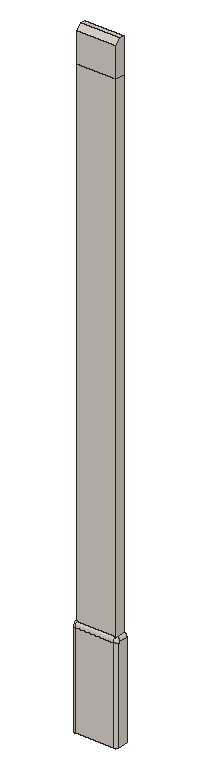
Revit family
Parameters (values of type "32"H")
  With Transaction Surface End Support = not(Standard)  # no
  Width = 0' - 10 1/8"  # constant formula
  URL = "http://www.hermanmiller.com/"
  Surface Finish [instance] = Herman Miller - Finish WL Sandstone
  Standard = yes
  Product Documentation Link = "http://www.hermanmiller.com/actionoffice/"
  OmniClass Title = "Systems Furniture"  # constant formula
  OmniClass Number = "23.40.70.14.64.21"  # constant formula
  Glide Height [instance] = 0' - 0 3/8"
  Finished End Width = 0' - 2"  # constant formula
  Model = "A8271.32H"
  Manufacturer = "Herman Miller, Inc."  # constant formula
  Keynote = ""
  Height = 2' - 8"
  Description = "Fin End Thin Base 32H"
  Copyright © = "Copyright © Herman Miller, Inc."  # constant formula
  Catalog = "Action Office System (HAO)"  # constant formula
  Cable Management Finish [instance] = Herman Miller - Finish WL Sandstone
  Assembly Code = "E2020200"
Reference planes (in)
  plane 1 "Center (Front/Back)": y = 0
  plane 2 "Reference Level": z = 0
  plane 3 "Center (Left/Right)": x = 0
  plane 4 "Left": x = -5.0625
  plane 5 "Right": x = 5.0625
  plane 6 "Trans Support Back": y = 1.25
  plane 7 "Finished End Front": y = -0.25
  plane 8 "Finished End Back": y = 0.25
  plane 9 "Finished End Left": x = -1
  plane 10 "Finished End Right": x = 1
  plane 11 "Trans Support Hole Left": x = -4.5625
  plane 12 "Trans Support Hole Right": x = 4.5625
  plane 13 "Finished End Top": z = 32.375
  plane 14 "Cable Management Top": z = 5.375
  plane 15 "Finished End Bottom": z = 0.375
  plane 16 "Cable Management Left": x = -1.125
  plane 17 "Cable Management Right": x = 1.125
  plane 18 "Cable Management Front": y = -0.375
  plane 19 "Trans Support Right Center": x = 3.0625
  plane 20 "Trans Support Left Center": x = -3.0625
  plane 21 "trans Support Front": y = 0.5
  plane 22 "Trans Support Bottom": z = 30.625
  plane 23 "Trans Support Center": z = 31.5
  plane 24 "Finished End Curve Bottom": z = 32.125
Forms (in)
  Extrusion 1, solid, material "Herman Miller - Finish WL Sandstone" <- "Surface Finish", visible <- "With Transaction Surface End Support"
    sketch origin (0, 0, 32.375) x (-1, 0, 0) y (0, -1, 0)
      loop
        arc (4.80538, -1.25) -> (5.07812, -0.875) -> (4.80538, -0.5) r 0.39417
        line (4.80538, -0.5) -> (3.0625, -0.5) -> (1, 0) -> (1, 0.25) -> (-1, 0.25) -> (-1, 0) -> (-3.0625, -0.5) -> (-4.78293, -0.5)
        arc (-4.78293, -0.5) -> (-5.06358, -0.875) -> (-4.78293, -1.25) r 0.39086
        line (-4.78293, -1.25) -> (-3.0625, -1.25) -> (-1, -0.25) -> (1, -0.25) -> (3.0625, -1.25) -> (4.80538, -1.25)
    from -1.75 to 0
  Extrusion 2, void
    sketch origin (0, -0.375, 0) x (-1, 0, 0) y (0, 0, 1)
      loop
        line (6.5625, 31.5) -> (3.0625, 31.5)
        arc (3.0625, 31.5) -> (1.94228, 31.2722) -> (1, 30.625) r 2.8683
        line (1, 30.625) -> (1, 29.57469) -> (5.0625, 29.57469) -> (6.5625, 30.625) -> (6.5625, 31.5)
      loop
        line (-3.0625, 31.5) -> (-6.5625, 31.5) -> (-6.5625, 30.625) -> (-5.0625, 29.57469) -> (-1, 29.57469) -> (-1, 30.625)
        arc (-1, 30.625) -> (-1.94228, 31.2722) -> (-3.0625, 31.5) r 2.8683
    from 0 to 1.625
  Extrusion 3, solid, material "Herman Miller - Finish WL Sandstone" <- "Surface Finish"
    sketch origin (0, 0, 32.375) x (-1, 0, 0) y (0, -1, 0)
      loop
        line (-1, -0.25) -> (1, -0.25) -> (1, 0.25) -> (-1, 0.25) -> (-1, -0.25)
    from -32 to -1.75
  Sweep 4, solid, material "Herman Miller - Finish WL Sandstone" <- "Cable Management Finish"
    path origin (0, 0, 5.375) x (-1, 0, 0) y (0, -1, 0)
      loop
        line (-1, -0.25) -> (-1, 0.21875)
        arc (-1, 0.21875) -> (-0.99085, 0.24085) -> (-0.96875, 0.25) r 0.03125
        line (-0.96875, 0.25) -> (0.96838, 0.25)
        arc (0.96838, 0.25) -> (0.99074, 0.24074) -> (1, 0.21838) r 0.03162
        line (1, 0.21838) -> (1, -0.25)
    profile origin (-1, 0.01581, 5.375) x (-1, 0, 0) y (0, 0, 1)
      loop
        line (0.125, -5) -> (0.125, -0.2187)
        arc (0.125, -0.2187) -> (0.09155, -0.09275) -> (0, 0) r 0.25382
        line (0, 0) -> (0, -0.07725)
        arc (0, -0.07725) -> (0.04618, -0.14138) -> (0.0625, -0.2187) r 0.19132
        line (0.0625, -0.2187) -> (0.0625, -5) -> (0.125, -5)
  Extrusion 5, solid, material "Herman Miller - Finish WL Sandstone" <- "Surface Finish", visible <- "Standard"
    sketch origin (0, 0, 5.375) x (-1, 0, 0) y (0, -1, 0)
      loop
        line (1, 0.25) -> (-1, 0.25) -> (-1, -0.25) -> (1, -0.25) -> (1, 0.25)
    from 25.25 to 27
  Extrusion 6, void
    sketch origin (0, 0, 0) x (0, 1, 0) y (0, 0, 1)
      loop
        line (0, 32.375) -> (-0.25, 32.375) -> (-0.25, 32.125) -> (0, 32.375)
    from -1 to 1
Cuts and joins
  Extrusion 2, Extrusion 6 cuts Extrusion 1
  Extrusion 6 cuts Extrusion 5
Lines and regions (in)
  Masking region 1, visible <- "With Transaction Surface End Support"
    outline origin (0, 0, 0) x (1, 0, 0) y (0, 0, 1)
      loop
        line (-5.0625, 32.375) -> (-5.0625, 31.5) -> (-3.0625, 31.5)
        arc (-3.0625, 31.5) -> (-1.94228, 31.2722) -> (-1, 30.625) r 2.8683
        line (-1, 30.625) -> (-1, 5.375)
        arc (-1, 5.375) -> (-1.09155, 5.28225) -> (-1.125, 5.1563) r 0.25382
        line (-1.125, 5.1563) -> (-1.125, 0.375) -> (1.125, 0.375) -> (1.125, 5.1563)
        arc (1.125, 5.1563) -> (1.09155, 5.28225) -> (1, 5.375) r 0.25382
        line (1, 5.375) -> (1, 30.625)
        arc (1, 30.625) -> (1.94228, 31.2722) -> (3.0625, 31.5) r 2.8683
        line (3.0625, 31.5) -> (5.0625, 31.5) -> (5.0625, 32.375) -> (-5.0625, 32.375)
  Masking region 2, visible <- "Standard"
    outline origin (0, 0, 0) x (1, 0, 0) y (0, 0, 1)
      loop
        arc (-1, 5.375) -> (-1.09155, 5.28225) -> (-1.125, 5.1563) r 0.25382
        line (-1.125, 5.1563) -> (-1.125, 0.375) -> (1.125, 0.375) -> (1.125, 5.1563)
        arc (1.125, 5.1563) -> (1.09155, 5.28225) -> (1, 5.375) r 0.25382
        line (1, 5.375) -> (1, 32.375) -> (-1, 32.375) -> (-1, 5.375)
  Masking region 3, visible <- "With Transaction Surface End Support", detail levels fine
    outline origin (0, 0, 0) x (1, 0, 0) y (0, 0, 1)
      loop
        line (-4.5625, 31.5) -> (-3.0625, 31.5) -> (-3.0625, 32.375) -> (-4.5625, 32.375) -> (-4.5625, 31.5)
      loop
        line (3.0625, 32.375) -> (3.0625, 31.5) -> (4.5625, 31.5) -> (4.5625, 32.375) -> (3.0625, 32.375)
  Masking region 4, visible <- "With Transaction Surface End Support"
    outline origin (0, 0, 0) x (0, 1, 0) y (0, 0, 1)
      loop
        line (1.25, 31.5) -> (1.25, 32.375) -> (-0.25, 32.375) -> (-0.25, 5.375)
        arc (-0.25, 5.375) -> (-0.60355, 5.22855) -> (-0.75, 4.875) r 0.5
        line (-0.75, 4.875) -> (-0.375, 0.375) -> (0.25, 0.375) -> (0.25, 30.62733)
        spline (0.25, 30.62733) -> (0.31948, 30.76294) -> (0.39249, 30.88839) -> (0.46876, 31.00322) -> (0.54799, 31.10698) -> (0.62988, 31.19926) -> (0.71411, 31.27972) -> (0.80036, 31.34803) -> (0.88829, 31.40395) -> (0.97757, 31.44724) -> (1.06784, 31.47775) -> (1.15877, 31.49536) -> (1.25, 31.5)
  Masking region 5, visible <- "Standard"
    outline origin (0, 0, 0) x (0, 1, 0) y (0, 0, 1)
      loop
        line (0.25, 32.375) -> (-0.25, 32.375) -> (-0.25, 5.375)
        arc (-0.25, 5.375) -> (-0.60355, 5.22855) -> (-0.75, 4.875) r 0.5
        line (-0.75, 4.875) -> (-0.375, 0.375) -> (0.25, 0.375) -> (0.25, 32.375)
  Masking region 6, visible <- "With Transaction Surface End Support", detail levels medium+fine
    outline origin (0, 0, 5.375) x (-1, 0, 0) y (0, -1, 0)
      loop
        line (3.0625, -1.25) -> (4.80538, -1.25)
        arc (4.80538, -1.25) -> (5.07812, -0.875) -> (4.80538, -0.5) r 0.39417
        line (4.80538, -0.5) -> (3.0625, -0.5) -> (1.125, -0.0303) -> (1.125, 0.375) -> (-1.125, 0.375) -> (-1.125, -0.0303) -> (-3.0625, -0.5) -> (-4.78293, -0.5)
        arc (-4.78293, -0.5) -> (-5.06358, -0.875) -> (-4.78293, -1.25) r 0.39086
        line (-4.78293, -1.25) -> (-3.0625, -1.25) -> (-1, -0.25) -> (1, -0.25) -> (3.0625, -1.25)
  Masking region 7, visible <- "Standard"
    outline origin (0, 0, 30.625) x (-1, 0, 0) y (0, -1, 0)
      loop
        line (-1.125, -0.25) -> (1.125, -0.25) -> (1.125, 0.25)
        arc (1.125, 0.25) -> (1.08839, 0.33839) -> (1, 0.375) r 0.125
        line (1, 0.375) -> (-1, 0.375)
        arc (-1, 0.375) -> (-1.08839, 0.33839) -> (-1.125, 0.25) r 0.125
        line (-1.125, 0.25) -> (-1.125, -0.25)
  Masking region 8, visible <- "Standard", detail levels medium+fine
    outline origin (0, 0, 30.625) x (-1, 0, 0) y (0, -1, 0)
      loop
        line (1, 0.25) -> (-1, 0.25) -> (-1, -0.25) -> (1, -0.25) -> (1, 0.25)
  Masking region 9, visible <- "With Transaction Surface End Support", detail levels medium+fine
    outline origin (0, 0, 32.375) x (-1, 0, 0) y (0, -1, 0)
      loop
        line (-1, -0.25) -> (1, -0.25) -> (1, 0.25) -> (-1, 0.25) -> (-1, -0.25)
  Masking region 10, visible <- "With Transaction Surface End Support"
    outline origin (0, 0, 32.375) x (-1, 0, 0) y (0, -1, 0)
      loop
        line (1, -0.25) -> (3.0625, -1.25) -> (4.80538, -1.25)
        arc (4.80538, -1.25) -> (5.07812, -0.875) -> (4.80538, -0.5) r 0.39417
        line (4.80538, -0.5) -> (3.0625, -0.5) -> (1, 0) -> (1, 0.25) -> (-1, 0.25) -> (-1, 0) -> (-3.0625, -0.5) -> (-4.78293, -0.5)
        arc (-4.78293, -0.5) -> (-5.06358, -0.875) -> (-4.78293, -1.25) r 0.39086
        line (-4.78293, -1.25) -> (-3.0625, -1.25) -> (-1, -0.25) -> (1, -0.25)
  Masking region 11, visible <- "Standard"
    outline origin (0, 0, 32.375) x (-1, 0, 0) y (0, -1, 0)
      loop
        line (1, 0.25) -> (-1, 0.25) -> (-1, -0.25) -> (1, -0.25) -> (1, 0.25)
  symbolic lines, style "End Support", detail levels medium+fine
    curve 1: line (1, 0, 30.625) -> (-1, 0, 30.625)
    curve 2: line (-1, 0, 30.625) -> (-1, 0, 32.375)
    curve 3: line (-1, 0, 32.375) -> (1, 0, 32.375)
    curve 4: line (1, 0, 32.375) -> (1, 0, 30.625)
    curve 5: line (-1, 0, 5.375) -> (1, 0, 5.375)
    curve 8: line (0, -0.25, 5.375) -> (0, 0.25, 5.375)
    curve 9: line (0, -0.25, 30.625) -> (0, 0.25, 30.625)
  symbolic lines, style "End Support", detail levels fine
    curve 6: line (-1, 0.25, 5.375) -> (-1, 0.25, 0.375)
    curve 7: line (1, 0.25, 5.375) -> (1, 0.25, 0.375)
  model lines, style "End Support", visible <- "With Transaction Surface End Support", detail levels fine
    curve 10: line (-3.09121, 1.125, 32.375) -> (-4.78371, 1.125, 32.375)
    curve 11: arc (-4.78371, 1.125, 32.375) -> (-4.95312, 0.875, 32.375) -> (-4.78371, 0.625, 32.375) r 0.26917
    curve 12: line (-4.78371, 0.625, 32.375) -> (-3.04756, 0.625, 32.375)
    curve 13: line (-1.125, 0.19014, 32.375) -> (-3.09121, 1.125, 32.375)
    curve 14: line (-3.04756, 0.625, 32.375) -> (-1.125, 0.1682, 32.375)
    curve 15: line (3.09121, 1.125, 32.375) -> (1.125, 0.2003, 32.375)
    curve 16: line (1.125, 0.17332, 32.375) -> (3.04756, 0.625, 32.375)
    curve 17: line (4.76317, 1.125, 32.375) -> (3.09121, 1.125, 32.375)
    curve 18: arc (4.76317, 0.625, 32.375) -> (4.93858, 0.875, 32.375) -> (4.76317, 1.125, 32.375) r 0.26586
    curve 19: line (3.04756, 0.625, 32.375) -> (4.76317, 0.625, 32.375)
    curve 20: line (-1.125, 0.19014, 32.375) -> (-1.125, 0.1682, 32.375)
    curve 21: line (1.125, 0.2003, 32.375) -> (1.125, 0.17332, 32.375)
  symbolic lines, style "End Support", visible <- "Standard"
    curve 22: line (-1, 0.25, 5.375) -> (-1.125, 0.25, 5.375)
    curve 23: line (1, 0.25, 5.375) -> (1.125, 0.25, 5.375)
  symbolic lines, style "End Support"
    curve 24: line (-1, 0.25, 32.375) -> (1, 0.25, 32.375)
Dimensions and locks (in)
  "Width": plane 4 "Left" to plane 5 "Right"
  equal spacing: plane 4 "Left", plane 3 "Center (Left/Right)", plane 5 "Right"
  "Height": plane 13 "Finished End Top" to plane 15 "Finished End Bottom"
  equal spacing: plane 9 "Finished End Left", plane 3 "Center (Left/Right)", plane 10 "Finished End Right"
  "Finished End Width": plane 9 "Finished End Left" to plane 10 "Finished End Right"
  locked: plane 4 "Left" to plane 11 "Trans Support Hole Left" at 0.5
  locked: plane 12 "Trans Support Hole Right" to plane 5 "Right" at 0.5
  locked: plane 14 "Cable Management Top" to plane 15 "Finished End Bottom" at 5
  plane 7 "Finished End Front" to plane 18 "Cable Management Front" = 0' - 0 1/8"
  equal spacing: plane 8 "Finished End Back", plane 1 "Center (Front/Back)", plane 7 "Finished End Front"
  plane 8 "Finished End Back" to plane 18 "Cable Management Front" = 0' - 0 5/8"
  plane 19 "Trans Support Right Center" to plane 5 "Right" = 0' - 2"
  plane 4 "Left" to plane 20 "Trans Support Left Center" = 0' - 2"
  plane 6 "Trans Support Back" to plane 21 "trans Support Front" = 0' - 0 3/4"
  locked: plane 13 "Finished End Top" to plane 22 "Trans Support Bottom" at 1.75
  equal spacing: plane 13 "Finished End Top", plane 23 "Trans Support Center", plane 22 "Trans Support Bottom"
  "Glide Height": plane 15 "Finished End Bottom" to level
  equal spacing: plane 16 "Cable Management Left", plane 3 "Center (Left/Right)", plane 17 "Cable Management Right"
  locked: plane 13 "Finished End Top" to plane 24 "Finished End Curve Bottom" at 0.25
  locked: plane 16 "Cable Management Left" to plane 9 "Finished End Left" at 0.125
  aligned and locked: Extrusion 1 sketch curve to plane 6 "Trans Support Back"
  aligned and locked: plane 21 "trans Support Front" to Extrusion 1 sketch curve
  aligned and locked: plane 8 "Finished End Back" to Extrusion 1 sketch curve
  aligned and locked: Extrusion 1 sketch curve to plane 7 "Finished End Front"
  aligned and locked: Extrusion 1 sketch curve to plane 9 "Finished End Left"
  aligned and locked: plane 10 "Finished End Right" to Extrusion 1 sketch curve
  aligned and locked: plane 20 "Trans Support Left Center" to Extrusion 1 sketch curve  (x2)
  aligned and locked: plane 19 "Trans Support Right Center" to Extrusion 1 sketch curve  (x2)
  aligned and locked: Extrusion 1 to plane 22 "Trans Support Bottom"
  aligned and locked: plane 13 "Finished End Top" to Extrusion 1
  aligned and locked: plane 23 "Trans Support Center" to Extrusion 2 sketch curve
  aligned and locked: plane 9 "Finished End Left" to Extrusion 2 sketch curve
  aligned and locked: plane 6 "Trans Support Back" to Extrusion 2
  aligned and locked: Extrusion 2 to plane 18 "Cable Management Front"
  aligned and locked: plane 8 "Finished End Back" to Extrusion 3 sketch curve
  aligned and locked: Extrusion 3 sketch curve to plane 7 "Finished End Front"
  aligned and locked: Extrusion 3 sketch curve to plane 9 "Finished End Left"
  aligned and locked: plane 10 "Finished End Right" to Extrusion 3 sketch curve
  aligned and locked: plane 22 "Trans Support Bottom" to Extrusion 3
  aligned and locked: Sweep 4 sketch curve to plane 9 "Finished End Left"  (x2)
  aligned and locked: Sweep 4 sketch curve to plane 7 "Finished End Front"
  aligned and locked: plane 10 "Finished End Right" to Sweep 4 sketch curve
  aligned and locked: level to plane 2 "Reference Level"
  aligned and locked: Sweep 4 sketch curve to plane 15 "Finished End Bottom"
  aligned and locked: Extrusion 3 to plane 15 "Finished End Bottom"
  aligned and locked: Extrusion 5 sketch curve to plane 9 "Finished End Left"
  aligned and locked: Extrusion 5 sketch curve to plane 7 "Finished End Front"
  aligned and locked: plane 8 "Finished End Back" to Extrusion 5 sketch curve
  aligned and locked: plane 10 "Finished End Right" to Extrusion 5 sketch curve
  aligned and locked: plane 13 "Finished End Top" to Extrusion 5
  aligned and locked: Extrusion 5 to plane 22 "Trans Support Bottom"
  aligned and locked: Sweep 4 to plane 18 "Cable Management Front"
  aligned and locked: Sweep 4 to plane 15 "Finished End Bottom"
  aligned and locked: plane 15 "Finished End Bottom" to Extrusion 3
  aligned and locked: plane 15 "Finished End Bottom" to Sweep 4  (x5)
  aligned and locked: cut or joined group of Extrusion 1, Extrusion 2, Extrusion 6 to plane 22 "Trans Support Bottom"
  aligned and locked: plane 9 "Finished End Left" to Extrusion 5
  aligned and locked: plane 9 "Finished End Left" to cut or joined group of Extrusion 1, Extrusion 2, Extrusion 6
  aligned and locked: plane 10 "Finished End Right" to Extrusion 5
  aligned and locked: plane 10 "Finished End Right" to cut or joined group of Extrusion 1, Extrusion 2, Extrusion 6
  aligned and locked: plane 8 "Finished End Back" to Extrusion 5
  aligned and locked: Extrusion 5 to plane 7 "Finished End Front"
  aligned and locked: cut or joined group of Extrusion 1, Extrusion 2, Extrusion 6 to plane 7 "Finished End Front"
  aligned and locked: Extrusion 3 to plane 7 "Finished End Front"
  aligned and locked: plane 7 "Finished End Front" to Sweep 4
  aligned and locked: plane 8 "Finished End Back" to cut or joined group of Extrusion 1, Extrusion 2, Extrusion 6
  aligned and locked: plane 8 "Finished End Back" to Extrusion 3
  aligned and locked: plane 10 "Finished End Right" to Extrusion 3  (x2)
  aligned and locked: Sweep 4 to plane 10 "Finished End Right"
  aligned and locked: plane 9 "Finished End Left" to Extrusion 3  (x2)
  aligned and locked: Sweep 4 to plane 9 "Finished End Left"
  aligned and locked: plane 4 "Left" to Masking region 1 sketch curve
  aligned and locked: plane 5 "Right" to Masking region 1 sketch curve
  aligned and locked: Masking region 1 sketch curve to plane 10 "Finished End Right"
  aligned and locked: plane 9 "Finished End Left" to Masking region 1 sketch curve
  aligned and locked: plane 15 "Finished End Bottom" to Masking region 1 sketch curve
  aligned and locked: Masking region 1 sketch curve to cut or joined group of Extrusion 1, Extrusion 2, Extrusion 6  (x2)
  aligned and locked: plane 13 "Finished End Top" to Masking region 1 sketch curve
  aligned and locked: plane 9 "Finished End Left" to Masking region 2 sketch curve
  aligned and locked: Masking region 2 sketch curve to plane 10 "Finished End Right"
  aligned and locked: plane 15 "Finished End Bottom" to Masking region 2 sketch curve
  aligned and locked: plane 13 "Finished End Top" to Masking region 2 sketch curve
  aligned and locked: curve 2 to plane 9 "Finished End Left"
  aligned and locked: curve 4 to plane 10 "Finished End Right"
  aligned and locked: plane 22 "Trans Support Bottom" to curve 1
  aligned and locked: plane 13 "Finished End Top" to cut or joined group of Extrusion 1, Extrusion 2, Extrusion 6
  aligned and locked: Masking region 3 sketch curve to plane 23 "Trans Support Center"  (x2)
  aligned and locked: Masking region 3 sketch curve to plane 13 "Finished End Top"  (x2)
  aligned and locked: Masking region 3 sketch curve to plane 11 "Trans Support Hole Left"
  aligned and locked: Masking region 3 sketch curve to plane 20 "Trans Support Left Center"
  aligned and locked: plane 19 "Trans Support Right Center" to Masking region 3 sketch curve
  aligned and locked: plane 12 "Trans Support Hole Right" to Masking region 3 sketch curve
  aligned and locked: plane 6 "Trans Support Back" to Masking region 4 sketch curve
  aligned and locked: plane 7 "Finished End Front" to Masking region 4 sketch curve
  aligned and locked: plane 15 "Finished End Bottom" to Masking region 4 sketch curve
  aligned and locked: Masking region 4 sketch curve to plane 8 "Finished End Back"
  aligned and locked: plane 13 "Finished End Top" to Masking region 4 sketch curve
  aligned and locked: Masking region 5 sketch curve to plane 8 "Finished End Back"
  aligned and locked: plane 7 "Finished End Front" to Masking region 5 sketch curve
  aligned and locked: plane 13 "Finished End Top" to Masking region 5 sketch curve
  aligned and locked: plane 15 "Finished End Bottom" to Masking region 5 sketch curve
  aligned and locked: Extrusion 5 to curve 9
  aligned and locked: Masking region 6 sketch curve to cut or joined group of Extrusion 1, Extrusion 2, Extrusion 6  (x10)
  aligned and locked: cut or joined group of Extrusion 1, Extrusion 2, Extrusion 6 to Masking region 6 sketch curve
  aligned and locked: plane 8 "Finished End Back" to Masking region 7 sketch curve
  aligned and locked: Masking region 7 sketch curve to plane 18 "Cable Management Front"
  aligned and locked: Masking region 8 sketch curve to plane 9 "Finished End Left"
  aligned and locked: plane 10 "Finished End Right" to Masking region 8 sketch curve
  aligned and locked: Masking region 8 sketch curve to plane 7 "Finished End Front"
  aligned and locked: plane 8 "Finished End Back" to Masking region 8 sketch curve
  aligned and locked: Masking region 6 sketch curve to plane 18 "Cable Management Front"
  aligned and locked: plane 8 "Finished End Back" to Masking region 9 sketch curve
  aligned and locked: Masking region 9 sketch curve to plane 7 "Finished End Front"
  aligned and locked: Masking region 9 sketch curve to plane 9 "Finished End Left"
  aligned and locked: plane 10 "Finished End Right" to Masking region 9 sketch curve
  aligned and locked: cut or joined group of Extrusion 1, Extrusion 2, Extrusion 6 to Extrusion 6 sketch curve
  aligned and locked: plane 13 "Finished End Top" to Extrusion 6 sketch curve
  aligned and locked: plane 7 "Finished End Front" to Extrusion 6 sketch curve
  aligned and locked: plane 24 "Finished End Curve Bottom" to Extrusion 6 sketch curve
  aligned and locked: plane 10 "Finished End Right" to Extrusion 6
  aligned and locked: plane 9 "Finished End Left" to Extrusion 6
  aligned and locked: Masking region 10 sketch curve to Masking region 6  (x11)
  aligned and locked: cut or joined group of Extrusion 5, Extrusion 6 to Masking region 10 sketch curve  (x2)
  aligned and locked: Masking region 10 sketch curve to cut or joined group of Extrusion 5, Extrusion 6
  aligned and locked: Masking region 11 sketch curve to plane 9 "Finished End Left"
  aligned and locked: plane 10 "Finished End Right" to Masking region 11 sketch curve
  aligned and locked: plane 8 "Finished End Back" to Masking region 11 sketch curve
  aligned and locked: Masking region 11 sketch curve to plane 7 "Finished End Front"
  aligned and locked: Sweep 4 to plane 8 "Finished End Back"
  aligned and locked: plane 8 "Finished End Back" to Sweep 4
  aligned and locked: plane 1 "Center (Front/Back)" to Masking region 10
  aligned and locked: plane 9 "Finished End Left" to Masking region 9
  aligned and locked: plane 9 "Finished End Left" to cut or joined group of Extrusion 5, Extrusion 6
  aligned and locked: cut or joined group of Extrusion 5, Extrusion 6 to plane 7 "Finished End Front"
  aligned and locked: plane 10 "Finished End Right" to cut or joined group of Extrusion 5, Extrusion 6
  aligned and locked: Masking region 11 to plane 7 "Finished End Front"
  aligned and locked: plane 9 "Finished End Left" to Masking region 11
  aligned and locked: Masking region 7 to plane 18 "Cable Management Front"
  aligned and locked: Masking region 6 to plane 18 "Cable Management Front"
  aligned and locked: plane 10 "Finished End Right" to Masking region 9  (x2)
  aligned and locked: plane 10 "Finished End Right" to Masking region 10  (x2)
  aligned and locked: plane 10 "Finished End Right" to Masking region 11
  aligned and locked: plane 10 "Finished End Right" to Masking region 8
  aligned and locked: plane 9 "Finished End Left" to Masking region 8
  aligned and locked: plane 19 "Trans Support Right Center" to Masking region 10  (x3)
  aligned and locked: plane 21 "trans Support Front" to Masking region 10
  aligned and locked: plane 6 "Trans Support Back" to Masking region 10
  aligned and locked: plane 8 "Finished End Back" to cut or joined group of Extrusion 5, Extrusion 6
  aligned and locked: plane 8 "Finished End Back" to Masking region 7
  aligned and locked: curve 24 to plane 8 "Finished End Back"
  aligned and locked: plane 8 "Finished End Back" to Masking region 11
  aligned and locked: plane 8 "Finished End Back" to Masking region 8
  aligned and locked: Masking region 8 to plane 7 "Finished End Front"
  aligned and locked: Masking region 8 to cut or joined group of Extrusion 1, Extrusion 2, Extrusion 6
  aligned and locked: Masking region 7 to Sweep 4
  aligned and locked: Extrusion 2 to plane 10 "Finished End Right"
  aligned and locked: Extrusion 6 to plane 7 "Finished End Front"
  aligned and locked: Extrusion 6 to Sweep 4
  aligned and locked: plane 9 "Finished End Left" to Sweep 4  (x2)
  aligned and locked: plane 10 "Finished End Right" to Sweep 4  (x2)
  aligned and locked: plane 19 "Trans Support Right Center" to Masking region 3
  aligned and locked: plane 12 "Trans Support Hole Right" to Masking region 3
  aligned and locked: plane 20 "Trans Support Left Center" to Masking region 3
  aligned and locked: plane 11 "Trans Support Hole Left" to Masking region 3
  aligned and locked: Masking region 3 to cut or joined group of Extrusion 1, Extrusion 2, Extrusion 6  (x2)
  aligned and locked: plane 13 "Finished End Top" to Masking region 3
  aligned and locked: plane 13 "Finished End Top" to Masking region 1
  aligned and locked: plane 5 "Right" to Masking region 1
  aligned and locked: Masking region 1 to plane 23 "Trans Support Center"
  aligned and locked: Extrusion 1 to Masking region 2
  aligned and locked: plane 13 "Finished End Top" to cut or joined group of Extrusion 5, Extrusion 6
  aligned and locked: curve 3 to plane 13 "Finished End Top"
  aligned and locked: curve 5 to plane 14 "Cable Management Top"
  aligned and locked: curve 7 to plane 10 "Finished End Right"
  aligned and locked: plane 9 "Finished End Left" to curve 6
  aligned and locked: Masking region 4 to plane 13 "Finished End Top"
  aligned and locked: plane 23 "Trans Support Center" to Masking region 4 sketch curve
  aligned and locked: plane 7 "Finished End Front" to Masking region 5
  aligned and locked: plane 14 "Cable Management Top" to curve 8
  aligned and locked: Extrusion 3 to cut or joined group of Extrusion 1, Extrusion 2, Extrusion 6
  aligned and locked: Masking region 2 sketch curve to Sweep 4  (x2)
  aligned and locked: Masking region 1 sketch curve to Sweep 4  (x2)
  aligned and locked: Masking region 6 sketch curve to plane 16 "Cable Management Left"
  aligned and locked: plane 17 "Cable Management Right" to Masking region 6 sketch curve
  aligned and locked: curve 20 to plane 16 "Cable Management Left"
  aligned and locked: plane 17 "Cable Management Right" to curve 21
  aligned and locked: Masking region 7 to plane 16 "Cable Management Left"
  aligned and locked: Masking region 7 to plane 17 "Cable Management Right"
  aligned and locked: plane 10 "Finished End Right" to Masking region 7 sketch curve
  aligned and locked: plane 7 "Finished End Front" to Masking region 7 sketch curve  (x2)
  aligned and locked: plane 9 "Finished End Left" to Masking region 7 sketch curve
Automatic sketch dimensions
  plane 12 "Trans Support Hole Right" to Extrusion 1 sketch curve = 0' - 0.22043"  (x2)
  Extrusion 1 sketch curve to plane 10 "Finished End Right" = 0' - 0"
  Extrusion 1 sketch curve to plane 9 "Finished End Left" = 0' - 0"
  plane 11 "Trans Support Hole Left" to Extrusion 1 sketch curve = 0' - 0.24288"
  Extrusion 1 sketch curve to plane 1 "Center (Front/Back)" = 0' - 0"  (x2)
  plane 12 "Trans Support Hole Right" to Extrusion 1 sketch curve = 0' - 0.11022"
  plane 11 "Trans Support Hole Left" to Extrusion 1 sketch curve = 0' - 0.12144"
  Extrusion 1 sketch curve to Extrusion 1 sketch curve = 0' - 0"
  Extrusion 1 sketch curve to plane 21 "trans Support Front" = 0' - 0"
  Extrusion 1 sketch curve to plane 6 "Trans Support Back" = 0' - 0"
  Extrusion 2 sketch curve to plane 22 "Trans Support Bottom" = 0' - 0"  (x4)
  Extrusion 2 sketch curve to plane 23 "Trans Support Center" = 0' - 0"
  Extrusion 2 sketch curve to plane 5 "Right" = 0' - 0"
  Extrusion 2 sketch curve to plane 19 "Trans Support Right Center" = 0' - 0"
  Extrusion 2 sketch curve to plane 10 "Finished End Right" = 0' - 0"
  Extrusion 2 sketch curve to plane 20 "Trans Support Left Center" = 0' - 0"
  Extrusion 2 sketch curve to plane 4 "Left" = 0' - 0"
  plane 5 "Right" to Extrusion 2 sketch curve = 0' - 1 1/2"
  Extrusion 2 sketch curve to plane 4 "Left" = 0' - 1 1/2"
  Extrusion 2 sketch curve to Extrusion 2 sketch curve = 0' - 1.05031"
  Extrusion 2 sketch curve to plane 22 "Trans Support Bottom" = 0' - 1.05031"
  plane 8 "Finished End Back" to Masking region 5 sketch curve = 0' - 0"
  Masking region 4 sketch curve to plane 6 "Trans Support Back" = 0' - 0.01304"
  Masking region 4 sketch curve to plane 22 "Trans Support Bottom" = 0' - 2.49306"
  plane 22 "Trans Support Bottom" to Masking region 4 sketch curve = 0' - 0.00233"
  curve 5 to plane 9 "Finished End Left" = 0' - 0"
  curve 5 to plane 10 "Finished End Right" = 0' - 0"
  curve 7 to plane 14 "Cable Management Top" = 0' - 0"
  curve 6 to plane 14 "Cable Management Top" = 0' - 0"
  curve 6 to plane 15 "Finished End Bottom" = 0' - 0"
  curve 7 to plane 15 "Finished End Bottom" = 0' - 0"
  curve 9 to plane 7 "Finished End Front" = 0' - 0"
  curve 8 to plane 7 "Finished End Front" = 0' - 0"
  curve 9 to plane 8 "Finished End Back" = 0' - 0"
  curve 8 to plane 8 "Finished End Back" = 0' - 0"
  curve 9 to plane 22 "Trans Support Bottom" = 0' - 0"
  Sweep 4 sketch curve to plane 14 "Cable Management Top" = 0' - 0"
  Sweep 4 sketch curve to profile plane = 0' - 0 1/16"
  Sweep 4 sketch curve to Sweep 4 sketch curve = 0' - 0 1/16"
  Sweep 4 sketch curve to Sweep 4 sketch curve = 0' - 0"  (x2)
  Sweep 4 sketch curve to Sweep 4 sketch curve = 0' - 0.07725"
  Masking region 4 sketch curve to plane 18 "Cable Management Front" = 0' - 0"
  Masking region 4 sketch curve to plane 14 "Cable Management Top" = 0' - 0"
  Masking region 4 sketch curve to plane 18 "Cable Management Front" = 0' - 0 3/8"
  Masking region 5 sketch curve to plane 18 "Cable Management Front" = 0' - 0"
  Masking region 5 sketch curve to plane 14 "Cable Management Top" = 0' - 0"
  Masking region 5 sketch curve to plane 18 "Cable Management Front" = 0' - 0 3/8"
  curve 23 to plane 8 "Finished End Back" = 0' - 0"
  curve 23 to plane 17 "Cable Management Right" = 0' - 0"
  curve 23 to plane 10 "Finished End Right" = 0' - 0"
  curve 22 to plane 9 "Finished End Left" = 0' - 0"
  curve 22 to plane 16 "Cable Management Left" = 0' - 0"
  curve 24 to plane 10 "Finished End Right" = 0' - 0"
  curve 24 to plane 9 "Finished End Left" = 0' - 0"
  plane 19 "Trans Support Right Center" to curve 19 = 0' - 0.01494"
  curve 17 to plane 19 "Trans Support Right Center" = 0' - 0.02871"
  plane 12 "Trans Support Hole Right" to curve 18 = 0' - 0.11022"
  plane 12 "Trans Support Hole Right" to curve 19 = 0' - 0.20067"
  plane 12 "Trans Support Hole Right" to curve 18 = 0' - 0.20067"
  plane 20 "Trans Support Left Center" to curve 14 = 0' - 0.01494"
  curve 13 to plane 20 "Trans Support Left Center" = 0' - 0.02871"
  plane 11 "Trans Support Hole Left" to curve 11 = 0' - 0.12144"
  plane 11 "Trans Support Hole Left" to curve 10 = 0' - 0.22121"
  plane 11 "Trans Support Hole Left" to curve 12 = 0' - 0.22121"
  curve 19 to plane 21 "trans Support Front" = 0' - 0 1/8"
  curve 11 to plane 21 "trans Support Front" = 0' - 0 1/8"
  curve 18 to curve 19 = 0' - 0 1/4"
  curve 11 to curve 11 = 0' - 0 1/4"
  curve 15 to plane 8 "Finished End Back" = 0' - 0.0497"
  curve 20 to plane 8 "Finished End Back" = 0' - 0.05986"
  curve 15 to curve 21 = 0' - 0.02699"
  curve 13 to curve 14 = 0' - 0.02194"
  curve 22 to plane 8 "Finished End Back" = 0' - 0"
  Sweep 4 sketch curve to plane 8 "Finished End Back" = 0' - 0"  (x2)
  Sweep 4 sketch curve to Sweep 4 sketch curve = 0' - 0 1/32"
  Sweep 4 sketch curve to plane 9 "Finished End Left" = 0' - 0.03162"
